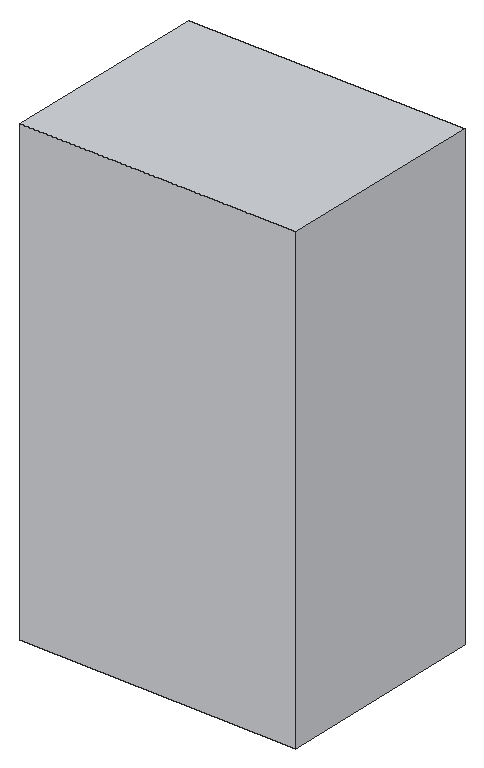
Revit family
Parameters
  Warranty Duration (Years) = 0
  Unit Width [instance] = 1' - 8 177/256"
  Unit Height [instance] = 0' - 9 99/256"
  Unit Depth = 0' - 0"
  URL = "http://www.americanspecialties.com/viewCategories.cfm"
  Trim Material = Metal - Stainless Steel
  Test Data = ""
  Specification = "http://www.arcat.com/sdspecs/htm/10810asi.htm"
  SpecWizard = ""
  Send Message = "http://www.arcat.com/users.pl?action=UserEmail&company=American%20Specialties,%20Inc.&coid=30448&rep=139&fax=914-476-0688&mf="
  Sales Information = "http://www.americanspecialties.com/contact"
  Revision = "R1_10-2010"
  Product Properties = "http://www.americanspecialties.com/datasheets/127.pdf"
  Product Data = "http://www.arcat.com/arcatcos/cos30/arc30448.html"
  Model = "As Specified in 10 28 13"
  Manufacturer Website = "http://www.americanspecialties.com/viewCategories.cfm"
  Manufacturer Phone - Toll Free = ""
  Manufacturer Phone = "914-476-9000 "
  Manufacturer Fax = "914-476-0688"
  Manufacturer Address = "441 Saw Mill River Rd., Yonkers, NY 10701"
  Manufacturer = "American Specialties, Inc."
  Maintenance Schedule (Months) = 0
  Keynote = "10 28 13"
  Installation-Fabrication = "http://www.americanspecialties.com/products.cfm"
  Green Building-LEED = ""
  Expected Lifespan (Years) = 0
  Drawn By = "Robert S. Weygant. CSI, CDT, SCIP"  # constant formula
  Description = "Toilet Accessory as Specified in 10 28 13"
  Default Elevation = 4' - 0"
  Copyright = "©Arcat Inc."
  Construction Details = "http://www.arcat.com/green/clients/leed_data_30448.html"
  Building Codes = "http://www.americanspecialties.com/products.cfm"
  Body Material = Metal - Stainless Steel
  Assembly Code = "C1030210"
Reference planes (in)
  plane 1 "Center (Front/Back)": y = -0.29112
  plane 2 "Floor Line": z = 0
  plane 3 "Center (Left/Right)": x = -0.65843
Forms (in)
  Extrusion 1, solid
    sketch origin (-3, -9, -6) x (0, 0, -1) y (1, 0, 0)
      loop
        line (-82, 26) -> (-82, -19.34712) -> (-6, -19.34712) -> (-6, 26) -> (-82, 26)
    from 9 to -25.60721
  Extrusion 2, solid, material "Metal - Stainless Steel" <- "Body Material"
    sketch origin (-0.96662, -1.25845, 0) x (1, 0, 0) y (0, 1, 0)
      loop
        line (-8.69181, 3.71733) -> (-8.69181, -1.78267) -> (9.30819, -1.78267) -> (9.30819, 3.71733) -> (-8.69181, 3.71733)
      loop
        circle (-7.94181, 2.46733) r 0.25
      loop
        circle (-7.94181, -0.53267) r 0.25
      loop
        circle (8.55819, 2.46733) r 0.25
      loop
        circle (8.55819, -0.53267) r 0.25
      loop
        circle (0.30819, 2.46733) r 0.25
      loop
        circle (0.30819, -0.53267) r 0.25
    from 0 to 0.09375
  Extrusion 3, solid, material "Metal - Stainless Steel" <- "Body Material"
    sketch origin (-6.1875, 0, 0.09375) x (1, 0, 0) y (0, 1, 0)
      loop
        line (-1.27912, 2.20888) -> (-1.27912, 1.40431) -> (-0.80882, 1.29574) -> (-0.80882, -1.87797) -> (-1.27912, -1.98655) -> (-1.27912, -2.79112) -> (-0.03775, -2.79112) -> (-0.03775, -1.98655) -> (-0.50804, -1.87797) -> (-0.50804, 1.29574) -> (-0.03775, 1.40431) -> (-0.03775, 2.20888) -> (-1.27912, 2.20888)
    from 0 to 0.09375
  Extrusion 4, solid, material "Metal - Stainless Steel" <- "Body Material"
    sketch origin (-6.84593, 0, 0.09375) x (0, 1, 0) y (0, 0, 1)
      loop
        arc (1.11229, 0.09375) -> (-0.26271, 1.18392) -> (-1.63771, 0.09375) r 1.41221
        line (-1.63771, 0.09375) -> (-1.87797, 0.09375) -> (-1.87797, 0) -> (1.29574, 0) -> (1.29574, 0.09375) -> (1.11229, 0.09375)
    from 0.15039 to 0.27238
  Extrusion 5, solid, material "Metal - Stainless Steel" <- "Body Material"
    sketch origin (-6.84593, 0, 0.09375) x (0, 1, 0) y (0, 0, -1)
      loop
        line (1.11229, -0.09375) -> (1.29574, -0.09375) -> (1.29574, 0) -> (-1.87797, 0) -> (-1.87797, -0.09375) -> (-1.63771, -0.09375)
        arc (-1.63771, -0.09375) -> (-0.26271, -1.18392) -> (1.11229, -0.09375) r 1.41221
    from 0.15039 to 0.27238
  Extrusion 6, solid, material "Metal - Stainless Steel" <- "Trim Material"
    sketch origin (-6.84593, -0.51283, 0.09375) x (0, -1, 0) y (0, 0, 1)
      loop
        arc (-0.03238, 1.16501) -> (0.22178, 1.91501) -> (-0.03238, 2.66501) r 1.23367
        arc (-0.03238, 2.66501) -> (-0.28554, 2.81177) -> (-0.43181, 2.55832) r 0.20671
        arc (-0.43181, 2.55832) -> (-0.29358, 1.77513) -> (-0.72408, 1.10643) r 1.09025
        arc (-0.72408, 1.10643) -> (-0.32161, 0.46715) -> (-0.03238, 1.16501) r 0.42526
    from -0.15039 to 0.15039
  Extrusion 7, solid, material "Metal - Stainless Steel" <- "Trim Material"
    sketch origin (-6.84593, 0, 0.09375) x (0, 1, 0) y (0, 0, 1)
      loop
        circle (-0.29112, 0.83198) r 0.09949
    from -0.30423 to -0.27238
  Extrusion 8, solid, material "Metal - Stainless Steel" <- "Trim Material"
    sketch origin (-6.84593, 0, 0.09375) x (0, 1, 0) y (0, 0, -1)
      loop
        circle (-0.29112, -0.83198) r 0.09949
    from -0.30423 to -0.27238
  Extrusion 9, solid, material "Metal - Stainless Steel" <- "Body Material"
    sketch origin (-2.0625, 0, 0.09375) x (1, 0, 0) y (0, 1, 0)
      loop
        line (-1.27912, 2.20888) -> (-1.27912, 1.40431) -> (-0.80882, 1.29574) -> (-0.80882, -1.87797) -> (-1.27912, -1.98655) -> (-1.27912, -2.79112) -> (-0.03775, -2.79112) -> (-0.03775, -1.98655) -> (-0.50804, -1.87797) -> (-0.50804, 1.29574) -> (-0.03775, 1.40431) -> (-0.03775, 2.20888) -> (-1.27912, 2.20888)
    from 0 to 0.09375
  Extrusion 10, solid, material "Metal - Stainless Steel" <- "Body Material"
    sketch origin (-2.72093, 0, 0.09375) x (0, 1, 0) y (0, 0, 1)
      loop
        arc (1.11229, 0.09375) -> (-0.26271, 1.18392) -> (-1.63771, 0.09375) r 1.41221
        line (-1.63771, 0.09375) -> (-1.87797, 0.09375) -> (-1.87797, 0) -> (1.29574, 0) -> (1.29574, 0.09375) -> (1.11229, 0.09375)
    from 0.15039 to 0.27238
  Extrusion 11, solid, material "Metal - Stainless Steel" <- "Body Material"
    sketch origin (-2.72093, 0, 0.09375) x (0, 1, 0) y (0, 0, -1)
      loop
        line (1.11229, -0.09375) -> (1.29574, -0.09375) -> (1.29574, 0) -> (-1.87797, 0) -> (-1.87797, -0.09375) -> (-1.63771, -0.09375)
        arc (-1.63771, -0.09375) -> (-0.26271, -1.18392) -> (1.11229, -0.09375) r 1.41221
    from 0.15039 to 0.27238
  Extrusion 12, solid, material "Metal - Stainless Steel" <- "Trim Material"
    sketch origin (-2.72093, -0.51283, 0.09375) x (0, -1, 0) y (0, 0, 1)
      loop
        arc (-0.03238, 1.16501) -> (0.22178, 1.91501) -> (-0.03238, 2.66501) r 1.23367
        arc (-0.03238, 2.66501) -> (-0.28554, 2.81177) -> (-0.43181, 2.55832) r 0.20671
        arc (-0.43181, 2.55832) -> (-0.29358, 1.77513) -> (-0.72408, 1.10643) r 1.09025
        arc (-0.72408, 1.10643) -> (-0.32161, 0.46715) -> (-0.03238, 1.16501) r 0.42526
    from -0.15039 to 0.15039
  Extrusion 13, solid, material "Metal - Stainless Steel" <- "Trim Material"
    sketch origin (-2.72093, 0, 0.09375) x (0, 1, 0) y (0, 0, 1)
      loop
        circle (-0.29112, 0.83198) r 0.09949
    from -0.30423 to -0.27238
  Extrusion 14, solid, material "Metal - Stainless Steel" <- "Trim Material"
    sketch origin (-2.72093, 0, 0.09375) x (0, 1, 0) y (0, 0, -1)
      loop
        circle (-0.29112, -0.83198) r 0.09949
    from -0.30423 to -0.27238
  Extrusion 15, solid, material "Metal - Stainless Steel" <- "Body Material"
    sketch origin (2.0625, 0, 0.09375) x (1, 0, 0) y (0, 1, 0)
      loop
        line (-1.27912, 2.20888) -> (-1.27912, 1.40431) -> (-0.80882, 1.29574) -> (-0.80882, -1.87797) -> (-1.27912, -1.98655) -> (-1.27912, -2.79112) -> (-0.03775, -2.79112) -> (-0.03775, -1.98655) -> (-0.50804, -1.87797) -> (-0.50804, 1.29574) -> (-0.03775, 1.40431) -> (-0.03775, 2.20888) -> (-1.27912, 2.20888)
    from 0 to 0.09375
  Extrusion 16, solid, material "Metal - Stainless Steel" <- "Body Material"
    sketch origin (1.40407, 0, 0.09375) x (0, 1, 0) y (0, 0, 1)
      loop
        arc (1.11229, 0.09375) -> (-0.26271, 1.18392) -> (-1.63771, 0.09375) r 1.41221
        line (-1.63771, 0.09375) -> (-1.87797, 0.09375) -> (-1.87797, 0) -> (1.29574, 0) -> (1.29574, 0.09375) -> (1.11229, 0.09375)
    from 0.15039 to 0.27238
  Extrusion 17, solid, material "Metal - Stainless Steel" <- "Body Material"
    sketch origin (1.40407, 0, 0.09375) x (0, 1, 0) y (0, 0, -1)
      loop
        line (1.11229, -0.09375) -> (1.29574, -0.09375) -> (1.29574, 0) -> (-1.87797, 0) -> (-1.87797, -0.09375) -> (-1.63771, -0.09375)
        arc (-1.63771, -0.09375) -> (-0.26271, -1.18392) -> (1.11229, -0.09375) r 1.41221
    from 0.15039 to 0.27238
  Extrusion 18, solid, material "Metal - Stainless Steel" <- "Trim Material"
    sketch origin (1.40407, -0.51283, 0.09375) x (0, -1, 0) y (0, 0, 1)
      loop
        arc (-0.03238, 1.16501) -> (0.22178, 1.91501) -> (-0.03238, 2.66501) r 1.23367
        arc (-0.03238, 2.66501) -> (-0.28554, 2.81177) -> (-0.43181, 2.55832) r 0.20671
        arc (-0.43181, 2.55832) -> (-0.29358, 1.77513) -> (-0.72408, 1.10643) r 1.09025
        arc (-0.72408, 1.10643) -> (-0.32161, 0.46715) -> (-0.03238, 1.16501) r 0.42526
    from -0.15039 to 0.15039
  Extrusion 19, solid, material "Metal - Stainless Steel" <- "Trim Material"
    sketch origin (1.40407, 0, 0.09375) x (0, 1, 0) y (0, 0, 1)
      loop
        circle (-0.29112, 0.83198) r 0.09949
    from -0.30423 to -0.27238
  Extrusion 20, solid, material "Metal - Stainless Steel" <- "Trim Material"
    sketch origin (1.40407, 0, 0.09375) x (0, 1, 0) y (0, 0, -1)
      loop
        circle (-0.29112, -0.83198) r 0.09949
    from -0.30423 to -0.27238
  Extrusion 21, solid, material "Metal - Stainless Steel" <- "Body Material"
    sketch origin (6.1875, 0, 0.09375) x (1, 0, 0) y (0, 1, 0)
      loop
        line (-1.27912, 2.20888) -> (-1.27912, 1.40431) -> (-0.80882, 1.29574) -> (-0.80882, -1.87797) -> (-1.27912, -1.98655) -> (-1.27912, -2.79112) -> (-0.03775, -2.79112) -> (-0.03775, -1.98655) -> (-0.50804, -1.87797) -> (-0.50804, 1.29574) -> (-0.03775, 1.40431) -> (-0.03775, 2.20888) -> (-1.27912, 2.20888)
    from 0 to 0.09375
  Extrusion 22, solid, material "Metal - Stainless Steel" <- "Body Material"
    sketch origin (5.52907, 0, 0.09375) x (0, 1, 0) y (0, 0, 1)
      loop
        arc (1.11229, 0.09375) -> (-0.26271, 1.18392) -> (-1.63771, 0.09375) r 1.41221
        line (-1.63771, 0.09375) -> (-1.87797, 0.09375) -> (-1.87797, 0) -> (1.29574, 0) -> (1.29574, 0.09375) -> (1.11229, 0.09375)
    from 0.15039 to 0.27238
  Extrusion 23, solid, material "Metal - Stainless Steel" <- "Body Material"
    sketch origin (5.52907, 0, 0.09375) x (0, 1, 0) y (0, 0, -1)
      loop
        line (1.11229, -0.09375) -> (1.29574, -0.09375) -> (1.29574, 0) -> (-1.87797, 0) -> (-1.87797, -0.09375) -> (-1.63771, -0.09375)
        arc (-1.63771, -0.09375) -> (-0.26271, -1.18392) -> (1.11229, -0.09375) r 1.41221
    from 0.15039 to 0.27238
  Extrusion 24, solid, material "Metal - Stainless Steel" <- "Trim Material"
    sketch origin (5.52907, -0.51283, 0.09375) x (0, -1, 0) y (0, 0, 1)
      loop
        arc (-0.03238, 1.16501) -> (0.22178, 1.91501) -> (-0.03238, 2.66501) r 1.23367
        arc (-0.03238, 2.66501) -> (-0.28554, 2.81177) -> (-0.43181, 2.55832) r 0.20671
        arc (-0.43181, 2.55832) -> (-0.29358, 1.77513) -> (-0.72408, 1.10643) r 1.09025
        arc (-0.72408, 1.10643) -> (-0.32161, 0.46715) -> (-0.03238, 1.16501) r 0.42526
    from -0.15039 to 0.15039
  Extrusion 25, solid, material "Metal - Stainless Steel" <- "Trim Material"
    sketch origin (5.52907, 0, 0.09375) x (0, 1, 0) y (0, 0, 1)
      loop
        circle (-0.29112, 0.83198) r 0.09949
    from -0.30423 to -0.27238
  Extrusion 26, solid, material "Metal - Stainless Steel" <- "Trim Material"
    sketch origin (5.52907, 0, 0.09375) x (0, 1, 0) y (0, 0, -1)
      loop
        circle (-0.29112, -0.83198) r 0.09949
    from -0.30423 to -0.27238
Dimensions and locks (in)
  equal spacing: group 1, group 2, group 3, group 4  (x3)
  aligned and locked: Extrusion 1 to level
  aligned and locked: Extrusion 3 to Extrusion 6  (x2)
  aligned and locked: Extrusion 7 to Extrusion 5
  aligned and locked: Extrusion 8 to Extrusion 4
  aligned and locked: Extrusion 4 to Extrusion 8
  aligned and locked: Extrusion 9 to Extrusion 12  (x2)
  aligned and locked: Extrusion 13 to Extrusion 11
  aligned and locked: Extrusion 14 to Extrusion 10
  aligned and locked: Extrusion 10 to Extrusion 14
  aligned and locked: Extrusion 15 to Extrusion 18  (x2)
  aligned and locked: Extrusion 19 to Extrusion 17
  aligned and locked: Extrusion 20 to Extrusion 16
  aligned and locked: Extrusion 16 to Extrusion 20
  aligned and locked: Extrusion 21 to Extrusion 24  (x2)
  aligned and locked: Extrusion 25 to Extrusion 23
  aligned and locked: Extrusion 26 to Extrusion 22
  aligned and locked: Extrusion 22 to Extrusion 26
